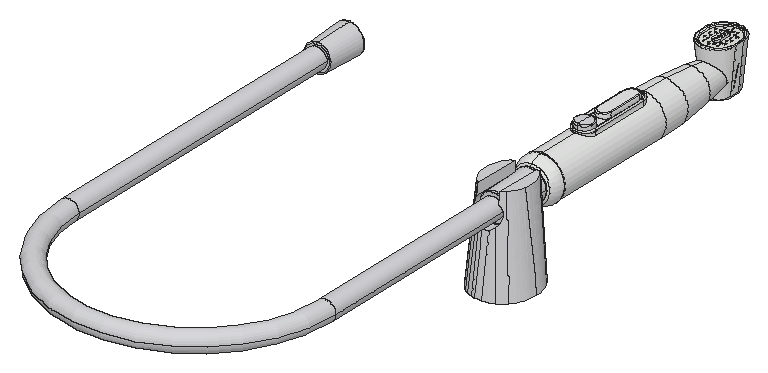
Revit family "Shower-Hygiene_Spray-KOHLER-Spaviva-K-29152T_1", category Plumbing Fixtures, host Face, Revit 2021 (continued)
Definition of nested family "K-29152T"
  Lines and regions (in)
    symbolic lines, detail levels medium+fine
      curve 165: arc (0.5330255, 0, 1.6311202) -> (0.5480905, 0, 1.6373604) -> (0.5543307, 0, 1.6524255) r 0.0213052
      curve 166: line (0.5543307, 0, 1.6524255) -> (-0.5542123, 0, 1.6524255)
      curve 167: arc (-0.5306605, 0, 1.6311202) -> (-0.5473979, 0, 1.6380531) -> (-0.5543307, 0, 1.6547905) r 0.0236703
      curve 168: line (0.6745894, 0, 2.7540431) -> (0.5543307, 0, 2.7540431)
      curve 169: line (-0.6745894, 0, 2.7540431) -> (-0.5543307, 0, 2.7540431)
      curve 170: line (-0.5543307, 0, 3.0400722) -> (0.5543307, 0, 3.0400722)
      curve 171: arc (-0.5543307, 0, 2.5414249) -> (-0.6496063, 0, 2.2027424) -> (-0.5543307, 0, 1.8640599) r 0.6496063
      curve 172: arc (0.5543307, 0, 1.8640599) -> (0.6496063, 0, 2.2027424) -> (0.5543307, 0, 2.5414249) r 0.6496063
      curve 173: arc (-0.308604, 0, 1.6311202) -> (0, 0, 1.5531361) -> (0.308604, 0, 1.6311202) r 0.6496063
      curve 174: arc (0.5898401, 0, 0.0197907) -> (0.5788469, 0, 0.8265994) -> (0.5407885, 0, 1.6325849) r 24.0441519
      curve 175: arc (-0.5898401, 0, 0.0197907) -> (-0.5788349, 0, 0.8269939) -> (-0.540738, 0, 1.6333727) r 24.0441519
      curve 176: arc (0.570155, 0, 0.0197907) -> (0.5591751, 0, 0.8258665) -> (0.5211569, 0, 1.6311202) r 24.0244668
      curve 177: arc (-0.570155, 0, 0.0197907) -> (-0.5591751, 0, 0.8258665) -> (-0.5211569, 0, 1.6311202) r 24.0244668
      curve 178: line (0, 5.6107004, 2.7162756) -> (0, 3.8998851, 2.7162756)
      curve 179: arc (0, 6.012591, 2.8523487) -> (0, 5.8228513, 2.7512166) -> (0, 5.6107004, 2.7162756) r 0.6615265
      curve 180: arc (0, 3.8998851, 2.7162756) -> (0, 3.6907308, 2.7512448) -> (0, 3.5043269, 2.8523487) r 0.6429711
      curve 181: line (0, 4.6614785, 2.873492) -> (0, 5.6457305, 2.873492)
      curve 182: arc (0, 5.6457305, 2.873492) -> (0, 5.7408299, 2.8807584) -> (0, 5.8337214, 2.9023887) r 0.6259483
      curve 183: arc (0, 4.3835108, 2.902225) -> (0, 4.5217541, 2.8806944) -> (0, 4.6614785, 2.873492) r 1.3589203
      curve 184: line (0, 5.584864, 2.9853618) -> (0, 4.6614785, 2.9853618)
      curve 185: line (0, 4.6614785, 2.9628024) -> (0, 5.6208259, 2.9628024)
      curve 186: arc (0, 5.7965385, 3.0091214) -> (0, 5.6913659, 2.9913203) -> (0, 5.584864, 2.9853618) r 0.9547857
      curve 187: arc (0, 5.6208259, 2.9628024) -> (0, 5.7230936, 2.9691129) -> (0, 5.8238096, 2.9879487) r 0.8318249
      curve 188: arc (0, 4.6614785, 2.9853618) -> (0, 4.5390159, 2.9913158) -> (0, 4.4177084, 3.0091214) r 1.2624034
      curve 189: arc (0, 4.3934143, 2.9913159) -> (0, 4.5266903, 2.9699508) -> (0, 4.6614785, 2.9628024) r 1.2743344
      curve 190: arc (0, 4.1516618, 2.9114038) -> (0, 3.8875475, 2.8523372) -> (0, 3.6234331, 2.9114038) r 0.6200221
      curve 191: line (0, 4.1323958, 3.038175) -> (0, 3.649957, 3.038175)
      curve 192: line (0, 4.1516618, 3.0158395) -> (0, 3.623521, 3.0158395)
      curve 193: line (0, 5.6152939, 2.8336134) -> (0, 3.8907468, 2.8336134)
      curve 194: line (0, 5.6187052, 2.844352) -> (0, 3.8907468, 2.844352)
      curve 195: arc (0, 3.8907468, 2.844352) -> (0, 3.7356388, 2.8613154) -> (0, 3.5878639, 2.9114038) r 0.717609
      curve 196: arc (0, 3.8907468, 2.8336134) -> (0, 3.7294607, 2.8506573) -> (0, 3.5752995, 2.9010362) r 0.7716448
      curve 197: arc (0, 5.9301736, 2.9066501) -> (0, 5.777524, 2.8600792) -> (0, 5.6187052, 2.844352) r 0.8097645
      curve 198: arc (0, 5.9407617, 2.8939624) -> (0, 5.7808017, 2.8488282) -> (0, 5.6152939, 2.8336134) r 0.9078144
      curve 199: line (0, 8.0841155, 2.6966126) -> (0, 8.2813262, 2.4994019)
      curve 200: line (0, 8.2061365, 1.7636663) -> (0, 8.3435774, 1.9924064)
      curve 201: arc (0, 8.2813262, 2.4994019) -> (0, 8.3997381, 2.2566215) -> (0, 8.3435774, 1.9924064) r 0.4148407
      curve 202: line (0, 8.2312372, 2.8341667) -> (0, 8.4055566, 2.5440506)
      curve 203: line (0, 8.2880526, 1.7144462) -> (0, 8.4055566, 1.8785795)
      curve 204: arc (0, 8.4055566, 2.5440506) -> (0, 8.4978323, 2.211315) -> (0, 8.4055566, 1.8785795) r 0.6460407
      curve 205: line (0, 9.5573167, 3.038314) -> (0, 8.2226744, 3.038314)
      curve 206: line (0, 9.4016849, 1.6516758) -> (0, 8.2956536, 1.6516758)
      curve 207: line (0, 2.3127602, 1.5875922) -> (0, 2.3127602, 1.9114038)
      curve 208: line (0, 2.3664832, 2.8523487) -> (0, 2.3664832, 2.494081)
      curve 209: line (0, 1.9195215, 2.6382469) -> (0, 1.9195215, 2.494081)
      curve 210: line (0, 1.8982317, 2.6582508) -> (0, 1.8982317, 2.494081)
      curve 211: line (0, 1.733525, 1.7529857) -> (0, 1.7291595, 1.9114038)
      curve 212: line (0, 1.6629306, 0.0197071) -> (0, 0.1057056, 0.0187209)
      curve 213: line (0, 6.1912866, 2.8523487) -> (0, 6.1912866, 1.5531361)
      curve 214: line (-0.6335755, 6.5410044, 0) -> (0.6335755, 6.5410044, 0)
      curve 215: arc (-0.7869505, 0, 1.9102227) -> (-0.7523021, 0, 2.2030278) -> (-0.7131298, 0, 2.4952621) r 19.0656225
      curve 216: arc (-7.18773, 0, 1.9102227) -> (-7.0805463, 0, 2.2027424) -> (-7.18773, 0, 2.4952621) r 0.4527559
      curve 217: circle (-7.5333022, 0, 2.2027424) r 0.4468422 normal (0, -1, 0)
      curve 218: line (0, 0.3285021, 2.494081) -> (0, 3.4803762, 2.494081)
      curve 219: line (0, 0.2276091, 1.9114038) -> (0, 3.4803762, 1.9114038)
      curve 220: line (0, 4.6614785, 1.770724) -> (0, 4.6614785, 2.6347608)
      curve 221: line (0, 3.4970074, 2.5972776) -> (0, 4.6405666, 2.6546499)
      curve 222: arc (0, 4.6614785, 2.6347608) -> (0, 4.6552885, 2.6491907) -> (0, 4.6405666, 2.6546499) r 0.0199141
      curve 223: line (0, 3.4803762, 2.5797911) -> (0, 3.4803762, 1.8256938)
      curve 224: arc (0, 3.4803762, 2.5797911) -> (0, 3.4851979, 2.5918573) -> (0, 3.4970074, 2.5972776) r 0.0175085
      curve 225: line (0, 3.4970074, 1.8082072) -> (0, 4.6405666, 1.7508349)
      curve 226: arc (0, 4.6614785, 1.770724) -> (0, 4.6552885, 1.7562941) -> (0, 4.6405666, 1.7508349) r 0.0199141
      curve 227: arc (0, 3.4803762, 1.8256938) -> (0, 3.4851979, 1.8136275) -> (0, 3.4970074, 1.8082072) r 0.0175085
      curve 228: line (0, 4.6405666, 2.6546499) -> (0, 4.6405666, 1.7508349)
      curve 229: line (0, 3.4970074, 1.8082072) -> (0, 3.4970074, 2.5972776)
      curve 230: line (0, 1.7131028, 2.494081) -> (0, 1.7087612, 2.6516343)
      curve 231: line (0, 2.3664832, 1.9114038) -> (0, 2.3664832, 1.5531361)
      curve 232: line (0, 2.3127602, 2.494081) -> (0, 2.3127602, 2.8523485)
      curve 233: line (0, 1.9195215, 1.9114038) -> (0, 1.9195215, 1.763254)
      curve 234: line (0, 1.8982317, 1.9114038) -> (0, 1.8982317, 1.7472341)
      curve 235: line (-0.0071652, 5.6765145, 0) -> (-0.0071652, 5.547225, 0)
      curve 236: line (0.0071652, 5.6765145, 0) -> (0.0071652, 5.547225, 0)
      curve 237: arc (0.0071652, 5.6765145, 0) -> (0, 5.6836798, 0) -> (-0.0071652, 5.6765145, 0) r 0.0071652
      curve 238: arc (-0.0071652, 5.547225, 0) -> (0, 5.5400598, 0) -> (0.0071652, 5.547225, 0) r 0.0071652
      curve 239: line (-0.0239205, 5.6765011, 0) -> (-0.0458144, 5.5523348, 0)
      curve 240: line (-0.0098077, 5.6740127, 0) -> (-0.0317016, 5.5498464, 0)
      curve 241: line (0.0236495, 5.6780382, 0) -> (0.0462213, 5.5500269, 0)
      curve 242: line (0.0095367, 5.6755497, 0) -> (0.0321085, 5.5475384, 0)
      curve 243: arc (-0.0098077, 5.6740127, 0) -> (-0.0156199, 5.6823133, 0) -> (-0.0239205, 5.6765011, 0) r 0.0071652
      curve 244: arc (-0.0458144, 5.5523348, 0) -> (-0.0400022, 5.5440342, 0) -> (-0.0317016, 5.5498464, 0) r 0.0071652
      curve 245: arc (0.0236495, 5.6780382, 0) -> (0.0153489, 5.6838503, 0) -> (0.0095367, 5.6755497, 0) r 0.0071652
      curve 246: arc (0.0321085, 5.5475384, 0) -> (0.0404092, 5.5417263, 0) -> (0.0462213, 5.5500269, 0) r 0.0071652
      curve 247: circle (-0.0833291, 4.7073854, 0) r 0.019685 normal (0, 0, 1)
      curve 248: circle (-0.0833291, 4.7073854, 0) r 0.023622 normal (0, 0, 1)
      curve 249: circle (-0.0097703, 4.6983444, 0) r 0.0098425 normal (0, 0, 1)
      curve 250: circle (-0.0097703, 4.6983444, 0) r 0.0059055 normal (0, 0, 1)
      curve 251: circle (-0.0529981, 4.668076, 0) r 0.0098425 normal (0, 0, 1)
      curve 252: circle (-0.0529981, 4.668076, 0) r 0.0059055 normal (0, 0, 1)
      curve 253: circle (0.0372873, 4.7004257, 0) r 0.0098425 normal (0, 0, 1)
      curve 254: circle (0.0372873, 4.7004257, 0) r 0.0059055 normal (0, 0, 1)
      curve 255: circle (0.0484771, 4.6375356, 0) r 0.0393701 normal (0, 0, 1)
      curve 256: circle (0.0484771, 4.6375356, 0) r 0.0354331 normal (0, 0, 1)
      curve 257: arc (0.0273357, 4.6707478, 0) -> (0.0017449, 4.6705685, 0) -> (0.0101143, 4.6463843, 0) r 0.015748
      curve 258: arc (0.0307765, 4.6727023, 0) -> (-0.00147, 4.672841, 0) -> (0.0094198, 4.6424886, 0) r 0.019685
      curve 259: circle (-0.0153883, 4.5986574, 0) r 0.019685 normal (0, 0, 1)
      curve 260: circle (-0.0153883, 4.5986574, 0) r 0.023622 normal (0, 0, 1)
  Dimensions and locks (in)
    plane 7 to plane 6 = 7.6378"
    plane 4 to plane 5 = 1.29921"
    plane 8 to plane 9 = 1.10866"
    plane 7 to plane 10 = 1.33465"
    plane 11 to plane 12 = 2.37047"
    plane 13 to plane 14 = 0.58268"
    plane 15 to plane 16 = 1.8189"
    plane 22 to plane 21 = 1.42913"
    plane 20 to plane 18 = 0.05906"
    plane 18 to plane 19 = 1.29921"
    plane 23 to plane 1 "Center (Front/Back)" = 1.76378"
    plane 24 to level = 2.79431"
    plane 25 to plane 6 = 1.37839"
    plane 26 to plane 27 = 0.90551"
    plane 32 to plane 30 = 1.1811"
    plane 24 to plane 37 = 2.77559"
    aligned and locked: plane 2 to level
    aligned and locked: plane 30 to Extrusion 19
    aligned and locked: Masking region 1 sketch curve to plane 35
Types (4): name | Type | Model | Hose Finish | Finish | Face Plate Finish | Bracket Finish
  (no name) | 3 | "K-29152T-WPT" | Kohler-Plastic-CP-Polished_Chrome | Kohler-Plastic-WPT-White | Kohler-Plastic-NY-Dune | Kohler-Plastic-CP-Polished_Chrome
  BPT-Black | 1 | "K-29152T-BPT" | Kohler-Plastic-BL-Matte_Black | Kohler-Plastic-BPT-Black | Plastic-Pantone-PQ-194205-TCX | Kohler-Plastic-BL-Matte_Black
  CP-Polished Chrome | 2 | "K-29152T-CP" | Kohler-Plastic-CP-Polished_Chrome | Kohler-Plastic-CP-Polished_Chrome | Kohler-Plastic-NY-Dune | Kohler-Plastic-CP-Polished_Chrome
  WPT-White | 3 | "K-29152T-WPT" | Kohler-Plastic-CP-Polished_Chrome | Kohler-Plastic-WPT-White | Kohler-Plastic-NY-Dune | Kohler-Plastic-CP-Polished_Chrome
